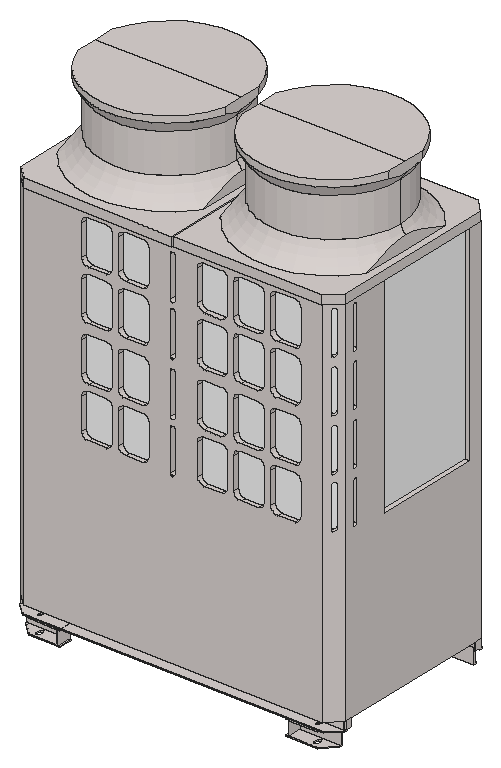
Revit family "PURY-EP350YNW-A1", category 機械設備, Revit 2016 (continued)
Dimensions and locks
  curve 88 to cut or joined group 1 (Extrusion 1, Extrusion 2, Extrusion 3, Extrusion 4, Extrusion 5, Extrusion 6, Extrusion 7, Extrusion 8, Extrusion 9, Extrusion 10, Extrusion 11, Extrusion 12, Extrusion 13, Extrusion 14, Extrusion 15, Extrusion 16, Extrusion 17, Extrusion 18, Extrusion 19, Extrusion 20, Extrusion 21, Extrusion 22, Extrusion 23, Extrusion 24, Extrusion 25, Extrusion 26, Extrusion 27, Extrusion 28, Extrusion 29, Extrusion 30, Extrusion 31, Extrusion 32, Extrusion 33) = 172.000 mm
  curve 89 to cut or joined group 1 = 216.000 mm
  cut or joined group 1 to curve 4 to curve 2 = 128.000 mm, 150.000 mm
  cut or joined group 1 to curve 1 to curve 3 = 79.000 mm, 94.000 mm
  Extrusion 32 sketch curve to nested 7 = 116.000 mm
  cut or joined group 1 to Extrusion 32 sketch curve = 160.000 mm
  cut or joined group 1 to Extrusion 33 sketch curve = 243.000 mm
  Extrusion 33 sketch curve to nested 7 = 116.000 mm
  aligned and locked: level to plane 2
  aligned and locked: Extrusion 1 to plane 4
Nested families
  nested 1: "FAN GUARD" at (-311.5, 0, 860), type "FAN GUARD"
    with WIDTH 870.000 mm
  nested 2: "FAN GUARD" at (311.5, 0, 860) x (-1, 0, 0) z (0, 0, 1), type "FAN GUARD"
    with WIDTH 870.000 mm
  nested 3: "ATTACHMENT LEG" at (-524, -349, 0), type "ATTACHMENT LEG"
  nested 4: "ATTACHMENT LEG" at (-524, 349, 0), type "ATTACHMENT LEG"
  nested 5: "ATTACHMENT LEG" at (524, -349, 0) x (-1, 0, 0) z (0, 0, 1), type "ATTACHMENT LEG"
  nested 6: "ATTACHMENT LEG" at (524, 349, 0) x (-1, 0, 0) z (0, 0, 1), type "ATTACHMENT LEG"
  nested 7: "BASE LEG_L_" at (0, -352, 60), type "BASE LEG_L_"
    with Width 1240.000 mm
  nested 8: "BASE LEG_L_" at (0, 352, 60), type "BASE LEG_L_"
    with Width 1240.000 mm
Connectors
  piping at (-460, -191, 176), diameter 19.05, driven by "High pressure pipe_radius"
    settings: on cut or joined group 1, index 3, connector inside diameter 19.05 mm, connector length 0.000 mm, flow factor 0, pipe flow 0.0 L/s, pressure drop 0.0 Pa, fitting loss kfactor 0, connector angle 0.00°, fixture units 0, engagement length 0.000 mm, angle of deflection 0.00°, flow configuration 0, flow direction 0, fitting loss method 0, system type 22, joint type 0, gender type 0, connector reference index -1, connector utility 0, adjustable connector no, is connector primary yes, connector description "Refrigerant service valve<High pressure>"
  piping at (-377, -191, 176), diameter 28.58, driven by "Low pressure pipe_radius"
    settings: on cut or joined group 1, index 4, connector inside diameter 28.58 mm, connector length 0.000 mm, flow factor 0, pipe flow 0.0 L/s, pressure drop 0.0 Pa, fitting loss kfactor 0, connector angle 0.00°, fixture units 0, engagement length 0.000 mm, angle of deflection 0.00°, flow configuration 0, flow direction 0, fitting loss method 0, system type 22, joint type 0, gender type 0, connector reference index -1, connector utility 0, adjustable connector no, is connector primary no, connector description "Refrigerant service valve<Low pressure>"
  electrical at (0, -370, 808), driven by "Phase", driven by "Voltage"
    settings: on cut or joined group 1, index 5, voltage 415 V, apparent load 0 VA, apparent load phase1 0 VA, apparent load phase2 0 VA, apparent load phase3 0 VA, power factor 1, load classification "HVAC", number of poles 3, system type 30, power factor state 1, is connector primary yes, connector utility no, sub classification motor no, connector description ""
Definition of nested family "FAN GUARD"
  Parameters
    WIDTH [instance] = 870.000 mm
  Reference planes
    plane 1 "中心(正面/背面)": y = 0
    plane 2: z = 0
    plane 3 "ファンガード基準面": z = 661
    plane 4: y = 368
    plane 5: x = 366
    plane 6: x = -375
    plane 7 "ファンガード基準上面": z = 695
    plane 8 "ファンガード上面": z = 998
    plane 9: x = -273.971
    plane 10: x = 308.5
    plane 11: x = -308.5
    plane 12: x = 0
  Forms (mm)
    Extrusion 1, solid
      sketch origin (85, 0, 661) x (-1, 0, 0) y (0, -1, 0)
        loop
          line (343.5, -368) -> (393.5, -318) -> (393.5, 322) -> (342.5, 373) -> (-223.5, 373) -> (-223.5, -368) -> (343.5, -368)
      from 0 to 34
    Revolve 2, solid
      sketch origin (0, 0, 0) x (1, 0, 0) y (0, 0, 1)
        loop
          line (0, 695) -> (0, 998) -> (-290, 998) -> (-290, 972.327) -> (-260, 928.372) -> (-260, 777.384)
          arc (-260, 777.384) -> (-290.651, 730.137) -> (-334.665, 695) r 175.882
          line (-334.665, 695) -> (0, 695)
        axis (0, 998) -> (0, 695)
      angle from 0 to 360
    Extrusion 3, void
      sketch origin (-840, 75, 695) x (-1, 0, 0) y (0, -1, 0)
        loop
          line (-410, -165) -> (-410, 315) -> (-561.253, 315) -> (-561.253, -165) -> (-410, -165)
      from -35 to 430.592
    Extrusion 4, void
      sketch origin (840, 75, 695) x (1, 0, 0) y (0, 1, 0)
        loop
          line (-410, 165) -> (-561.253, 165) -> (-561.253, -315) -> (-410, -315) -> (-410, 165)
      from 0 to 430.592
  Cuts and joins
    Extrusion 3, Extrusion 4 cuts Revolve 2
    Extrusion 4 cuts Extrusion 1
  Lines and regions (mm)
    model lines
      curve 1: line (-278.747, 0, 998) -> (-80, 0, 998)
      curve 2: line (80, 0, 998) -> (278.747, 0, 998)
      curve 3: circle (0, 0, 998) r 80 normal (0, 0, 1)
      curve 4: line (-278.747, -80, 998) -> (278.747, -80, 998)
      curve 5: line (-241.868, -160, 998) -> (241.868, -160, 998)
      curve 6: line (-162.788, -240, 998) -> (162.788, -240, 998)
      curve 7: line (-278.747, 80, 998) -> (278.747, 80, 998)
      curve 8: line (-241.868, 160, 998) -> (240, 160, 998)
      curve 9: line (-160, 240, 998) -> (162.788, 240, 998)
      curve 10: line (0, 290, 998) -> (0, -290, 998)
      curve 11: line (-20, 289.31, 998) -> (-20, -289.31, 998)
      curve 12: line (-40, 287.228, 998) -> (-40, -287.228, 998)
      curve 13: line (-60, 283.725, 998) -> (-60, -283.725, 998)
      curve 14: line (-80, 278.747, 998) -> (-80, -278.747, 998)
      curve 15: line (20, 289.31, 998) -> (20, -289.31, 998)
      curve 16: line (40, 287.228, 998) -> (40, -287.228, 998)
      curve 17: line (60, 283.725, 998) -> (60, -283.725, 998)
      curve 18: line (80, 278.747, 998) -> (80, -278.747, 998)
      curve 19: line (100, 272.213, 998) -> (100, -272.213, 998)
      curve 20: line (120, 264.008, 998) -> (120, -264.008, 998)
      curve 21: line (140, 253.969, 998) -> (140, -253.969, 998)
      curve 22: line (160, 241.868, 998) -> (160, -243.132, 998)
      curve 23: line (180, 227.376, 998) -> (180, -227.624, 998)
      curve 24: line (200, 210, 998) -> (200, -210, 998)
      curve 25: line (220, 188.944, 998) -> (220, -188.944, 998)
      curve 26: line (240, 160, 998) -> (240, -162.788, 998)
      curve 27: line (260, 128.452, 998) -> (260, -128.452, 998)
      curve 28: line (-100, 272.213, 998) -> (-100, -272.213, 998)
      curve 29: line (-120, 264.008, 998) -> (-120, -264.008, 998)
      curve 30: line (-140, 253.969, 998) -> (-140, -253.969, 998)
      curve 31: line (-160, 240, 998) -> (-160, -241.868, 998)
      curve 32: line (-180, 227.376, 998) -> (-180, -227.376, 998)
      curve 33: line (-200, 210, 998) -> (-200, -210, 998)
      curve 34: line (-220, 188.944, 998) -> (-220, -188.944, 998)
      curve 35: line (-240, 162.788, 998) -> (-240, -162.788, 998)
      curve 36: line (-260, 128.452, 998) -> (-260, -128.452, 998)
      curve 37: line (10, 79.373, 998) -> (10, -79.373, 998)
      curve 38: line (-10, 79.373, 998) -> (-10, -79.373, 998)
      curve 39: line (30, 74.162, 998) -> (30, -74.162, 998)
      curve 40: line (50, 62.45, 998) -> (50, -62.45, 998)
      curve 41: line (70, 38.73, 998) -> (70, -38.73, 998)
      curve 42: line (-30, 74.162, 998) -> (-30, -74.162, 998)
      curve 43: line (-50, 62.45, 998) -> (-50, -62.45, 998)
      curve 44: line (-70, 38.73, 998) -> (-70, -38.73, 998)
  Dimensions and locks
    locked: plane 8 "ファンガード上面" to plane 7 "ファンガード基準上面" at 303
    plane 8 "ファンガード上面" to plane 3 "ファンガード基準面" = 337.000 mm
    Revolve 2 sketch curve to Revolve 2 sketch curve = 290.000 mm
    Extrusion 1 sketch curve to Extrusion 1 sketch curve = 741.000 mm
    equal spacing: Extrusion 1 sketch curve, plane 1 "中心(正面/背面)", Extrusion 1 sketch curve
    plane 6 to plane 5 = 741.000 mm
    Extrusion 1 sketch curve to Extrusion 1 sketch curve = 617.000 mm
    plane 11 to plane 10 = 617.000 mm
    cut or joined group of Extrusion 1, Extrusion 4 to cut or joined group of Extrusion 1, Extrusion 4 = 617.000 mm
    cut or joined group of Extrusion 1, Extrusion 4 to cut or joined group of Extrusion 1, Extrusion 4 = 741.000 mm
    aligned and locked: level to plane 2
    aligned and locked: plane 7 "ファンガード基準上面" to Extrusion 1
    aligned and locked: plane 3 "ファンガード基準面" to Extrusion 1
    aligned and locked: cut or joined group of Revolve 2, Extrusion 3, Extrusion 4 to plane 8 "ファンガード上面"
Definition of nested family "ATTACHMENT LEG"
  Parameters
    Width = 145.000 mm
  Reference planes
    plane 1: z = 0
    plane 2 "中心(左/右)": x = -6
    plane 3: x = -52
    plane 4: x = 85
    plane 5: x = 93
    plane 6: y = -21
    plane 7: y = 27
    plane 8: x = -30
    plane 9: y = 39
    plane 10: z = 60
    plane 11: z = 57
    plane 12: z = 3
    plane 13: x = 82
    plane 14: y = 36
    plane 15: x = -75
    plane 16: y = 31
    plane 17 "幅": x = 93
    plane 18: y = 2.5
    plane 19: y = 21
    plane 20: y = -10
  Forms (mm)
    Extrusion 1, solid
      sketch origin (0, -1, 0) x (1, 0, 0) y (0, 1, 0)
        loop
          line (-75, 36) -> (-75, 27) -> (-28, -20) -> (93, -20) -> (93, 32) -> (85, 32) -> (85, 36) -> (-75, 36)
      from 0 to 60
    Extrusion 2, void
      sketch origin (0, -3, 0) x (1, 0, 0) y (0, 0, 1)
        loop
          line (-75, 57) -> (-75, 3) -> (82, 3) -> (82, 57) -> (-75, 57)
        loop
          line (93, 57) -> (85, 57) -> (85, 3) -> (93, 3) -> (93, 57)
      from -35 to 18
    Extrusion 3, void
      sketch origin (-6, 5.5, 0) x (1, 0, 0) y (0, 1, 0)
        loop
          arc (-7, -8.5) -> (0, -15.5) -> (7, -8.5) r 7
          line (7, -8.5) -> (7, 8.5)
          arc (7, 8.5) -> (0, 15.5) -> (-7, 8.5) r 7
          line (-7, 8.5) -> (-7, -8.5)
      from 0 to 60
  Cuts and joins
    Extrusion 2, Extrusion 3 cuts Extrusion 1
  Dimensions and locks
    locked: plane 3 to plane 4 at 137
    locked: plane 3 to plane 5 at 145
    plane 6 to plane 7 = 48.000 mm
    locked: plane 10 to level at 60
    Extrusion 3 sketch curve to plane 2 "中心(左/右)" = 7.000 mm
    locked: plane 15 to plane 2 "中心(左/右)" at 69
    locked: plane 15 to plane 8 at 45
    locked: plane 6 to plane 18 at 23.5
    cut or joined group of Extrusion 1, Extrusion 2, Extrusion 3 to cut or joined group of Extrusion 1, Extrusion 2, Extrusion 3 = 168.000 mm
    cut or joined group of Extrusion 1, Extrusion 2, Extrusion 3 to cut or joined group of Extrusion 1, Extrusion 2, Extrusion 3 = 56.000 mm  (x2)
    plane 14 to plane 6 = 57.000 mm
    aligned and locked: level to plane 1
    aligned and locked: Extrusion 1 sketch curve to plane 4
    aligned and locked: Extrusion 1 sketch curve to plane 5
    aligned: plane 8 to Extrusion 1 sketch curve
    aligned and locked: plane 10 to Extrusion 1
    aligned and locked: Extrusion 2 sketch curve to plane 11
    aligned: plane 3 to Extrusion 2 sketch curve
    aligned and locked: plane 12 to Extrusion 2 sketch curve
    aligned and locked: Extrusion 2 sketch curve to plane 13
    aligned and locked: plane 6 to Extrusion 2
    aligned and locked: plane 11 to Extrusion 2 sketch curve
    aligned and locked: plane 5 to Extrusion 2 sketch curve
    aligned and locked: Extrusion 2 sketch curve to plane 12
    aligned and locked: Extrusion 2 sketch curve to plane 4
    aligned and locked: plane 15 to Extrusion 1 sketch curve
    aligned and locked: Extrusion 2 sketch curve to cut or joined group of Extrusion 1, Extrusion 2, Extrusion 3
    aligned and locked: Extrusion 1 to plane 16
Definition of nested family "BASE LEG_L_"
  Parameters
    Width [instance] = 1240.000 mm
  Reference planes
    plane 1 "中心(正面/背面)": y = 0
    plane 2: z = 0
    plane 3 "中心(左/右)": x = 0
    plane 4: x = 620
    plane 5: x = -620
    plane 6: x = -530
    plane 7: x = 530
    plane 8: y = -18
    plane 9: y = 39
    plane 10: z = 53
    plane 11: y = 42
    plane 12: y = 27
    plane 13: x = 575
    plane 14: x = -575
    plane 15: z = 8
    plane 16: y = 11.5
    plane 17: z = 35
  Forms (mm)
    Extrusion 1, solid
      sketch origin (0, 0, 0) x (0, 1, 0) y (0, 0, 1)
        loop
          line (-18, 0) -> (36, 0) -> (36, 32) -> (56, 32) -> (56, 35) -> (33, 35) -> (33, 3) -> (-18, 3) -> (-18, 0)
      from -620 to 620
    Extrusion 2, void
      sketch origin (0, 0, 0) x (1, 0, 0) y (0, 1, 0)
        loop
          line (575, -18) -> (620, -18) -> (620, 27) -> (575, -18)
        loop
          line (-575, -18) -> (-620, 27) -> (-620, -18) -> (-575, -18)
      from 0 to 250
    Extrusion 3, void
      sketch origin (0, 12.023, 0) x (1, 0, 0) y (0, 1, 0)
        loop
          arc (523, -2.971) -> (530, -9.971) -> (537, -2.971) r 7
          line (537, -2.971) -> (537, 3.023)
          arc (537, 3.023) -> (530, 10.023) -> (523, 3.023) r 7
          line (523, 3.023) -> (523, -2.971)
        loop
          line (-523, -2.971) -> (-523, 3.023)
          arc (-523, 3.023) -> (-530, 10.023) -> (-537, 3.023) r 7
          line (-537, 3.023) -> (-537, -2.971)
          arc (-537, -2.971) -> (-530, -9.971) -> (-523, -2.971) r 7
      from 0 to 250
    Extrusion 4, solid
      sketch origin (0, 0, -3) x (1, 0, 0) y (0, 0, 1)
        loop
          line (617, 8) -> (620, 8) -> (620, 35) -> (617, 35) -> (617, 8)
        loop
          line (-617, 8) -> (-617, 35) -> (-620, 35) -> (-620, 8) -> (-617, 8)
      from -36 to -56
    Extrusion 5, solid
      sketch origin (150, 352, 0) x (1, 0, 0) y (0, 1, 0)
        loop
          line (460, -319) -> (455, -319) -> (455, -320) -> (405, -370) -> (410, -370) -> (460, -320) -> (460, -319)
      from 3 to 35
    Extrusion 6, void
      sketch origin (560, -18, 0) x (0.707107, 0.707107, 0) y (0, 0, 1)
        loop
          line (70.711, 3) -> (-6.741, 39.767) -> (-6.741, 3) -> (70.711, 3)
      from -190.256 to 23.776
    Extrusion 7, solid
      sketch origin (-150, 352, 0) x (-1, 0, 0) y (0, -1, 0)
        loop
          line (460, 319) -> (460, 320) -> (410, 370) -> (405, 370) -> (455, 320) -> (455, 319) -> (460, 319)
      from 3 to 35
    Extrusion 8, void
      sketch origin (-560, -18, 0) x (0.707107, -0.707107, 0) y (0, 0, -1)
        loop
          line (-70.711, -3) -> (0, -35) -> (6.741, -35) -> (6.741, -3) -> (-70.711, -3)
      from -190.256 to 23.776
  Cuts and joins
    Extrusion 2, Extrusion 3 cuts Extrusion 1
    joined: Extrusion 1, Extrusion 4
    Extrusion 8 cuts Extrusion 7
    Extrusion 6 cuts Extrusion 5
  Dimensions and locks
    "Width": plane 5 to plane 4
    equal spacing: plane 5, plane 3 "中心(左/右)", plane 4
    locked: plane 5 to plane 6 at 90
    locked: plane 7 to plane 4 at 90
    locked: plane 8 to plane 9 at 57
    locked: plane 10 to level at 53
    locked: plane 9 to plane 11 at 3
    plane 8 to plane 12 = 45.000 mm
    locked: plane 13 to plane 4 at 45
    locked: plane 5 to plane 14 at 45
    equal spacing: Extrusion 3 sketch curve, plane 7, Extrusion 3 sketch curve
    equal spacing: Extrusion 3 sketch curve, plane 6, Extrusion 3 sketch curve
    locked: plane 10 to plane 15 at 45
    locked: cut or joined group of Extrusion 1, Extrusion 2, Extrusion 3, Extrusion 4 to Extrusion 4 sketch curve at 3  (x2)
    locked: plane 8 to plane 16 at 29.5
    plane 8 to plane 11 = 60.000 mm
    cut or joined group of Extrusion 1, Extrusion 2, Extrusion 3, Extrusion 4 to cut or joined group of Extrusion 1, Extrusion 2, Extrusion 3, Extrusion 4 = 35.000 mm
    aligned and locked: level to plane 2
    aligned and locked: plane 8 to Extrusion 1 sketch curve
    aligned and locked: plane 4 to Extrusion 1
    aligned and locked: Extrusion 1 to plane 5
    aligned and locked: Extrusion 2 sketch curve to plane 4
    aligned and locked: Extrusion 2 sketch curve to plane 8
    aligned and locked: plane 12 to Extrusion 2 sketch curve
    aligned and locked: plane 13 to Extrusion 2 sketch curve
    aligned and locked: plane 4 to Extrusion 4 sketch curve
    aligned and locked: plane 5 to Extrusion 4 sketch curve
    aligned and locked: cut or joined group of Extrusion 7, Extrusion 8 to cut or joined group of Extrusion 1, Extrusion 2, Extrusion 3, Extrusion 4
  Automatic sketch dimensions
    Extrusion 3 sketch curve to plane 1 "中心(正面/背面)" = 9.052 mm  (x2)
    Extrusion 3 sketch curve to plane 7 = 7.000 mm
    Extrusion 3 sketch curve to plane 1 "中心(正面/背面)" = 15.046 mm  (x2)
    Extrusion 3 sketch curve to plane 6 = 7.000 mm
    Extrusion 2 sketch curve to plane 5 = 0.000 mm
    plane 8 to Extrusion 2 sketch curve = 0.000 mm
    Extrusion 2 sketch curve to plane 14 = 0.000 mm
    plane 12 to Extrusion 2 sketch curve = 0.000 mm
    Extrusion 4 sketch curve to plane 10 = 21.000 mm
    plane 7 to Extrusion 5 sketch curve = 25.000 mm
    Extrusion 5 sketch curve to Extrusion 5 sketch curve = 5.000 mm  (x2)
    plane 7 to Extrusion 5 sketch curve = 75.000 mm
    plane 8 to Extrusion 5 sketch curve = 0.000 mm
    Extrusion 5 sketch curve to Extrusion 5 sketch curve = 50.000 mm
    Extrusion 5 sketch curve to Extrusion 5 sketch curve = 0.000 mm
    Extrusion 5 sketch curve to Extrusion 5 sketch curve = 1.000 mm
    Extrusion 6 sketch curve to Extrusion 5 = 0.000 mm  (x2)
    Extrusion 6 sketch curve to Extrusion 5 = 6.741 mm
    Extrusion 6 sketch curve to Extrusion 5 = 4.767 mm
    plane 6 to Extrusion 7 sketch curve = 25.000 mm
    Extrusion 7 sketch curve to Extrusion 7 sketch curve = 5.000 mm  (x2)
    Extrusion 7 sketch curve to Extrusion 7 sketch curve = 45.000 mm
    Extrusion 7 sketch curve to plane 8 = 0.000 mm
    Extrusion 7 sketch curve to Extrusion 7 sketch curve = 50.000 mm
    Extrusion 7 sketch curve to Extrusion 7 sketch curve = 0.000 mm
    Extrusion 7 sketch curve to Extrusion 7 sketch curve = 1.000 mm
    Extrusion 8 sketch curve to Extrusion 7 = 0.000 mm  (x2)
    Extrusion 7 to Extrusion 8 sketch curve = 0.000 mm  (x2)
    Extrusion 7 to Extrusion 8 sketch curve = 6.741 mm
    Extrusion 4 sketch curve to plane 17 = 3.000 mm
    Extrusion 4 sketch curve to plane 15 = 3.000 mm  (x2)
    Extrusion 1 sketch curve to plane 17 = 0.000 mm
    Extrusion 1 sketch curve to level = 0.000 mm
    level to Extrusion 1 sketch curve = 3.000 mm
    plane 9 to Extrusion 1 sketch curve = 6.000 mm
    plane 9 to Extrusion 1 sketch curve = 3.000 mm
    Extrusion 1 sketch curve to plane 17 = 3.000 mm
    Extrusion 1 sketch curve to plane 11 = 14.000 mm
Types (6, lengths in mm): name | Voltage | ReplacementYear | InstallationDate | Hertz | Heating Rated Load Ampacity (A) | Heating Current Input (Nominal) (A) | Heating Current Input (A) | Cooling Rated Load Ampacity (A) | Cooling Current Input (A) | Category | Barcode | AssetIdentifier
  PURY-EP350YNW-A1_380V_50Hz | 380 V | "" | "" | 50 Hz | 18.7 | 15.5 | 18.7 | 16.8 | 16.8 | "" | "" | ""
  PURY-EP350YNW-A1_380V_60Hz | 380 V | "0" | "0" | 60 Hz | 18.7 | 15.5 | 18.7 | 16.8 | 16.8 | "0" | "0" | "0"
  PURY-EP350YNW-A1_400V_50Hz | 400 V | "0" | "0" | 50 Hz | 17.7 | 14.8 | 17.7 | 15.9 | 15.9 | "0" | "0" | "0"
  PURY-EP350YNW-A1_400V_60Hz | 400 V | "0" | "0" | 60 Hz | 17.7 | 14.8 | 17.7 | 15.9 | 15.9 | "0" | "0" | "0"
  PURY-EP350YNW-A1_415V_50Hz | 415 V | "0" | "0" | 50 Hz | 17.1 | 14.2 | 17.1 | 15.4 | 15.4 | "0" | "0" | "0"
  PURY-EP350YNW-A1_415V_60Hz | 415 V | "0" | "0" | 60 Hz | 17.1 | 14.2 | 17.1 | 15.4 | 15.4 | "0" | "0" | "0"
